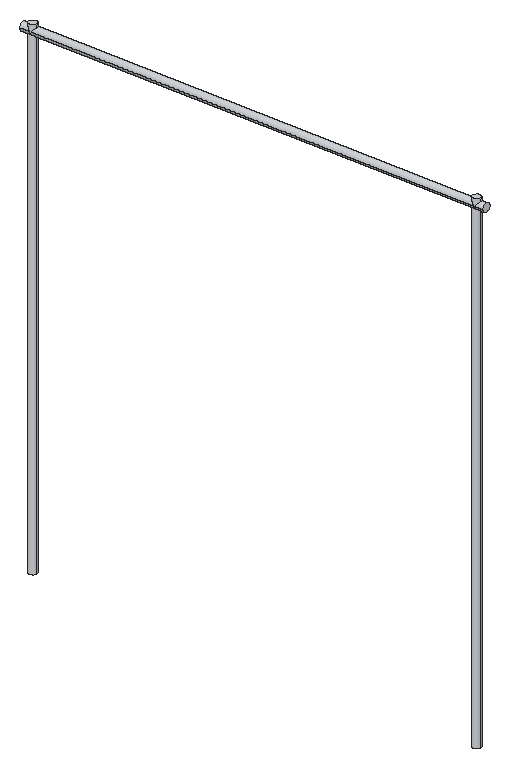
Revit family "АВЛН_Перекладина гимнастическая", category Мебель, Revit 2019
Family settings
  Номер OmniClass = 23.40.20.00
  Заголовок OmniClass = General Furniture and Specialties
  На основе рабочей плоскости = Нет
  Всегда вертикально = Да
  При загрузке вырезать с полостями = Нет
  Общий = Нет
  Точка расчета площади = Нет
Parameters (values of type "Перекладина гимнастическая универсальна")
  Описание = "Перекладина гимнастическая универсальная на\r\nрастяжках 2400х1450(2550)мм"
  Type Comments = ""
  Keynote = ""
  Manufacturer = ""
  Группа модели = "Оборудование Спортивной зоны"
  ADSK_Размер_Ширина = 100 mm
  ADSK_Размер_Длина = 2400 mm
  ADSK_Размер_Высота = 2550 mm
  ADSK_Обозначение = ""
  ADSK_Масса = 0
  ADSK_Код изделия = ""
  ADSK_Единица измерения = "шт"  # constant formula
Reference planes
  plane 1 "По центру (Вперед/Назад)": y = 0
  plane 2: z = 0
  plane 3 "По центру (Влево/Вправо)": x = 0
  plane 4: z = 2550
  plane 5: y = 50
  plane 6: x = 1200
  plane 7: x = -1200
  plane 8: y = -50
Forms (mm)
  Extrusion 1, solid
    sketch origin (0, -518.993, 592.976) x (-1, 0, 0) y (0, -1, 0)
      loop
        circle (1150, -518.993) r 20
      loop
        circle (-1150, -518.993) r 20
    from -592.976 to 1957.024
  Extrusion 2, solid
    sketch origin (0, 0, 0) x (0, 1, 0) y (0, 0, 1)
      loop
        circle (0, 2517.46) r 20
    from -1200 to 1200
Lines and regions (mm)
  symbolic lines
    curve 1: line (1200, 0, 592.976) -> (2750, 1970, 592.976)
    curve 2: line (1200, 0, 592.976) -> (2750, -1970, 592.976)
    curve 3: line (-1200, 0, 592.976) -> (-2750, 1970, 592.976)
    curve 4: line (-1200, 0, 592.976) -> (-2750, -1970, 592.976)
Dimensions and locks
  plane 2 to plane 4 = 2550 mm
  equal spacing: plane 8, plane 1 "По центру (Вперед/Назад)", plane 5
  equal spacing: plane 7, plane 3 "По центру (Влево/Вправо)", plane 6
  "ADSK_Размер_Длина": plane 7 to plane 6
  "ADSK_Размер_Ширина": plane 5 to plane 8
  "ADSK_Размер_Высота": plane 2 to plane 4
  locked: Extrusion 1 sketch curve to plane 6 at 50
  locked: plane 7 to Extrusion 1 sketch curve at 50
  locked: Extrusion 1 sketch curve to plane 8 at 50  (x3)
  locked: Extrusion 2 sketch curve to plane 4 at 32.54
  diameter of Extrusion 1 sketch curve = 40 mm  (x2)
  diameter of Extrusion 2 sketch curve = 40 mm
  aligned and locked: level to plane 2
  aligned and locked: Extrusion 1 to plane 4
  aligned and locked: Extrusion 1 to level
  aligned and locked: Extrusion 2 to plane 6
  aligned and locked: plane 7 to Extrusion 2
Automatic sketch dimensions
  Extrusion 2 sketch curve to plane 1 "По центру (Вперед/Назад)" = 0 mm
  plane 1 "По центру (Вперед/Назад)" to curve 2 = 0 mm
  curve 2 to plane 6 = 0 mm
  plane 1 "По центру (Вперед/Назад)" to curve 4 = 0 mm
  curve 4 to plane 7 = 0 mm
  plane 6 to curve 1 = 1550 mm
  plane 5 to curve 1 = 1920 mm
  plane 6 to curve 2 = 1550 mm
  curve 4 to plane 7 = 1550 mm
  curve 3 to plane 7 = 1550 mm
  plane 5 to curve 3 = 1920 mm
  curve 4 to plane 8 = 1920 mm
  curve 2 to plane 8 = 1920 mm
